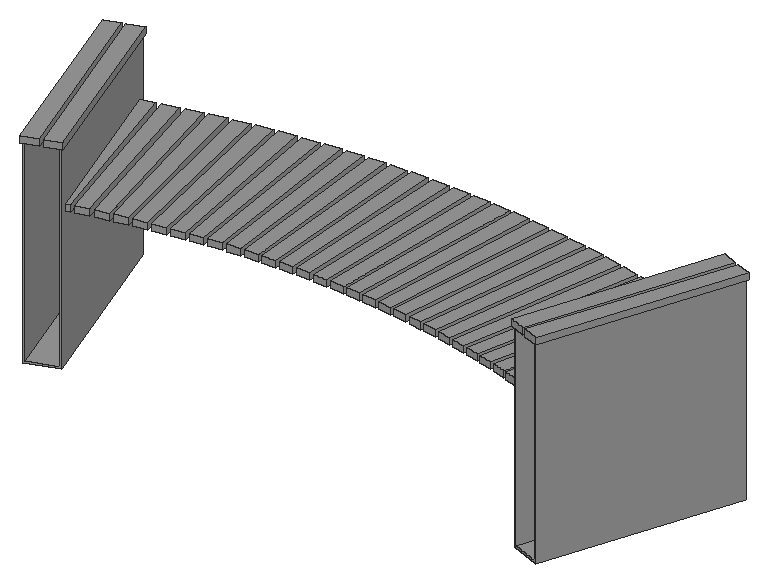
Revit family "Скамейка стальная «Бонго» без спинки Арт 25921", category Антураж, Revit 2018
Family settings
  На основе рабочей плоскости = Нет
  Всегда вертикально = Да
  При загрузке вырезать с полостями = Нет
  Источник визуального образа = Геометрия семейства
  Общий = Нет
  Точка расчета площади = Нет
Parameters (values of type "Скамейка стальная «Бонго» без спинки")
  Ширина = 600 mm  # constant formula
  Цвет опор = Сталь
  Цвет лавки = Дерево
  Описание = "Скамейка стальная «Бонго» без спинки"  # constant formula
  Материал изделия = "Сталь, дерево"  # constant formula
  Изображение типоразмера = Скамейка стальная «Бонго» без спинки Арт 25921.jpg
  Изготовитель = "ООО «Хоббика»"  # constant formula
  Длина = 1600 mm  # constant formula
  Группа модели = "Скамейки"  # constant formula
  Высота = 635 mm  # constant formula
  Артикул товара = "Арт. 25921"  # constant formula
  URL = "https://hobbyka.ru/product/skameyka_stalnaya_bongo_bez_spinki/"
Reference planes
  plane 1: z = 0
  plane 2: z = 635
  plane 3: through (94.282, 684.68, 1200) normal (0.3333, -0.9428, 0)
  plane 4: through (199.988, 85.659, 1200) normal (-0.3333, 0.9428, 0)
  plane 5: x = 200
  plane 6: x = 1800
Forms (mm)
  Extrusion 1, solid, material "Сталь" <- "Цвет опор"
    sketch origin (527.977, 838.004, 0) x (0.942816, 0.333313, 0) y (0, 0, 1)
      loop
        line (-560, 615) -> (-560, 0) -> (-460, 0) -> (-460, 615) -> (-465, 615) -> (-465, 5) -> (-555, 5) -> (-555, 615) -> (-560, 615)
    from 0 to 600
  Extrusion 2, solid, material "Дерево" <- "Цвет лавки"
    sketch origin (0, 0, 0) x (1, 0, 0) y (0, 1, 0)
      loop
        line (50.188, 674.395) -> (253.509, 99.278) -> (300.65, 115.944) -> (97.329, 691.061) -> (50.188, 674.395)
      loop
        line (40.76, 671.062) -> (-6.381, 654.397) -> (196.94, 79.28) -> (244.081, 95.945) -> (40.76, 671.062)
    from 615 to 635
  Extrusion 3, solid, material "Сталь" <- "Цвет опор"
    sketch origin (1472.023, 838.004, 0) x (-0.942816, 0.333313, 0) y (0, 0, -1)
      loop
        line (-560, -615) -> (-555, -615) -> (-555, -5) -> (-465, -5) -> (-465, -615) -> (-460, -615) -> (-460, 0) -> (-560, 0) -> (-560, -615)
    from 0 to 599.999
  Extrusion 4, solid, material "Дерево" <- "Цвет лавки"
    sketch origin (2000, 0, 0) x (-1, 0, 0) y (0, -1, 0)
      loop
        line (50.188, -674.395) -> (97.329, -691.061) -> (300.65, -115.944) -> (253.509, -99.278) -> (50.188, -674.395)
      loop
        line (40.76, -671.062) -> (244.081, -95.945) -> (196.94, -79.28) -> (-6.381, -654.397) -> (40.76, -671.062)
    from 615 to 635
  Extrusion 5, solid, material "Дерево" <- "Цвет лавки"
    sketch origin (0, 0, 0) x (1, 0, 0) y (0, 1, 0)
      loop
        arc (979.54, 244.649) -> (1000, 244.734) -> (1020.46, 244.649) r 2478.844
        line (1020.46, 244.649) -> (1025, 794.631)
        arc (1025, 794.631) -> (1000, 794.734) -> (975, 794.631) r 3028.844
        line (975, 794.631) -> (979.54, 244.649)
    from 430 to 450
  Extrusion 6, solid, material "Дерево" <- "Цвет лавки"
    sketch origin (-604.471, -385.619, 0) x (0.957097, 0.289768, 0) y (-0.289768, 0.957097, 0)
      loop
        arc (1005.384, 244.728) -> (1012.922, 244.7) -> (1020.46, 244.649) r 2478.844
        line (1020.46, 244.649) -> (1025, 794.631)
        arc (1025, 794.631) -> (1002.581, 794.733) -> (980.162, 794.669) r 3028.844
        line (980.162, 794.669) -> (1005.384, 244.728)
    from 430 to 450
  Extrusion 7, solid, material "Дерево" <- "Цвет лавки"
    sketch origin (-46.69, -21.49, 0) x (0.99978, 0.020997, 0) y (-0.020997, 0.99978, 0)
      loop
        arc (979.54, 244.649) -> (1000, 244.734) -> (1020.46, 244.649) r 2478.844
        line (1020.46, 244.649) -> (1025, 794.631)
        arc (1025, 794.631) -> (1000, 794.734) -> (975, 794.631) r 3028.844
        line (975, 794.631) -> (979.54, 244.649)
    from 430 to 450
  Extrusion 8, solid, material "Дерево" <- "Цвет лавки"
    sketch origin (-92.918, -43.955, 0) x (0.999118, 0.041985, 0) y (-0.041985, 0.999118, 0)
      loop
        arc (979.54, 244.649) -> (1000, 244.734) -> (1020.46, 244.649) r 2478.844
        line (1020.46, 244.649) -> (1025, 794.631)
        arc (1025, 794.631) -> (1000, 794.734) -> (975, 794.631) r 3028.844
        line (975, 794.631) -> (979.54, 244.649)
    from 430 to 450
  Extrusion 9, solid, material "Дерево" <- "Цвет лавки"
    sketch origin (-138.665, -67.387, 0) x (0.998016, 0.062955, 0) y (-0.062955, 0.998016, 0)
      loop
        arc (979.54, 244.649) -> (1000, 244.734) -> (1020.46, 244.649) r 2478.844
        line (1020.46, 244.649) -> (1025, 794.631)
        arc (1025, 794.631) -> (1000, 794.734) -> (975, 794.631) r 3028.844
        line (975, 794.631) -> (979.54, 244.649)
    from 430 to 450
  Extrusion 10, solid, material "Дерево" <- "Цвет лавки"
    sketch origin (-183.909, -91.773, 0) x (0.996474, 0.083897, 0) y (-0.083897, 0.996474, 0)
      loop
        arc (979.54, 244.649) -> (1000, 244.734) -> (1020.46, 244.649) r 2478.844
        line (1020.46, 244.649) -> (1025, 794.631)
        arc (1025, 794.631) -> (1000, 794.734) -> (975, 794.631) r 3028.844
        line (975, 794.631) -> (979.54, 244.649)
    from 430 to 450
  Extrusion 11, solid, material "Дерево" <- "Цвет лавки"
    sketch origin (-228.632, -117.105, 0) x (0.994493, 0.104802, 0) y (-0.104802, 0.994493, 0)
      loop
        arc (979.54, 244.649) -> (1000, 244.734) -> (1020.46, 244.649) r 2478.844
        line (1020.46, 244.649) -> (1025, 794.631)
        arc (1025, 794.631) -> (1000, 794.734) -> (975, 794.631) r 3028.844
        line (975, 794.631) -> (979.54, 244.649)
    from 430 to 450
  Extrusion 12, solid, material "Дерево" <- "Цвет лавки"
    sketch origin (-272.813, -143.37, 0) x (0.992073, 0.12566, 0) y (-0.12566, 0.992073, 0)
      loop
        arc (979.54, 244.649) -> (1000, 244.734) -> (1020.46, 244.649) r 2478.844
        line (1020.46, 244.649) -> (1025, 794.631)
        arc (1025, 794.631) -> (1000, 794.734) -> (975, 794.631) r 3028.844
        line (975, 794.631) -> (979.54, 244.649)
    from 430 to 450
  Extrusion 13, solid, material "Дерево" <- "Цвет лавки"
    sketch origin (-316.432, -170.556, 0) x (0.989216, 0.146464, 0) y (-0.146464, 0.989216, 0)
      loop
        arc (979.54, 244.649) -> (1000, 244.734) -> (1020.46, 244.649) r 2478.844
        line (1020.46, 244.649) -> (1025, 794.631)
        arc (1025, 794.631) -> (1000, 794.734) -> (975, 794.631) r 3028.844
        line (975, 794.631) -> (979.54, 244.649)
    from 430 to 450
  Extrusion 14, solid, material "Дерево" <- "Цвет лавки"
    sketch origin (-359.471, -198.653, 0) x (0.985923, 0.167202, 0) y (-0.167202, 0.985923, 0)
      loop
        arc (979.54, 244.649) -> (1000, 244.734) -> (1020.46, 244.649) r 2478.844
        line (1020.46, 244.649) -> (1025, 794.631)
        arc (1025, 794.631) -> (1000, 794.734) -> (975, 794.631) r 3028.844
        line (975, 794.631) -> (979.54, 244.649)
    from 430 to 450
  Extrusion 15, solid, material "Дерево" <- "Цвет лавки"
    sketch origin (-401.911, -227.647, 0) x (0.982194, 0.187867, 0) y (-0.187867, 0.982194, 0)
      loop
        arc (979.54, 244.649) -> (1000, 244.734) -> (1020.46, 244.649) r 2478.844
        line (1020.46, 244.649) -> (1025, 794.631)
        arc (1025, 794.631) -> (1000, 794.734) -> (975, 794.631) r 3028.844
        line (975, 794.631) -> (979.54, 244.649)
    from 430 to 450
  Extrusion 16, solid, material "Дерево" <- "Цвет лавки"
    sketch origin (-443.732, -257.526, 0) x (0.978033, 0.208449, 0) y (-0.208449, 0.978033, 0)
      loop
        arc (979.54, 244.649) -> (1000, 244.734) -> (1020.46, 244.649) r 2478.844
        line (1020.46, 244.649) -> (1025, 794.631)
        arc (1025, 794.631) -> (1000, 794.734) -> (975, 794.631) r 3028.844
        line (975, 794.631) -> (979.54, 244.649)
    from 430 to 450
  Extrusion 17, solid, material "Дерево" <- "Цвет лавки"
    sketch origin (-484.917, -288.276, 0) x (0.973441, 0.228939, 0) y (-0.228939, 0.973441, 0)
      loop
        arc (979.54, 244.649) -> (1000, 244.734) -> (1020.46, 244.649) r 2478.844
        line (1020.46, 244.649) -> (1025, 794.631)
        arc (1025, 794.631) -> (1000, 794.734) -> (975, 794.631) r 3028.844
        line (975, 794.631) -> (979.54, 244.649)
    from 430 to 450
  Extrusion 18, solid, material "Дерево" <- "Цвет лавки"
    sketch origin (-525.447, -319.884, 0) x (0.968419, 0.249329, 0) y (-0.249329, 0.968419, 0)
      loop
        arc (979.54, 244.649) -> (1000, 244.734) -> (1020.46, 244.649) r 2478.844
        line (1020.46, 244.649) -> (1025, 794.631)
        arc (1025, 794.631) -> (1000, 794.734) -> (975, 794.631) r 3028.844
        line (975, 794.631) -> (979.54, 244.649)
    from 430 to 450
  Extrusion 19, solid, material "Дерево" <- "Цвет лавки"
    sketch origin (-565.304, -352.337, 0) x (0.96297, 0.269608, 0) y (-0.269608, 0.96297, 0)
      loop
        arc (979.54, 244.649) -> (1000, 244.734) -> (1020.46, 244.649) r 2478.844
        line (1020.46, 244.649) -> (1025, 794.631)
        arc (1025, 794.631) -> (1000, 794.734) -> (975, 794.631) r 3028.844
        line (975, 794.631) -> (979.54, 244.649)
    from 430 to 450
  Extrusion 20, solid, material "Дерево" <- "Цвет лавки"
    sketch origin (2604.471, -385.619, 0) x (-0.957097, 0.289768, 0) y (-0.289768, -0.957097, 0)
      loop
        line (1005.384, -244.728) -> (980.162, -794.669)
        arc (980.162, -794.669) -> (1002.581, -794.733) -> (1025, -794.631) r 3028.844
        line (1025, -794.631) -> (1020.46, -244.649)
        arc (1020.46, -244.649) -> (1012.922, -244.7) -> (1005.384, -244.728) r 2478.844
    from 430 to 450
  Extrusion 21, solid, material "Дерево" <- "Цвет лавки"
    sketch origin (2046.69, -21.49, 0) x (-0.99978, 0.020997, 0) y (-0.020997, -0.99978, 0)
      loop
        line (979.54, -244.649) -> (975, -794.631)
        arc (975, -794.631) -> (1000, -794.734) -> (1025, -794.631) r 3028.844
        line (1025, -794.631) -> (1020.46, -244.649)
        arc (1020.46, -244.649) -> (1000, -244.734) -> (979.54, -244.649) r 2478.844
    from 430 to 450
  Extrusion 22, solid, material "Дерево" <- "Цвет лавки"
    sketch origin (2092.918, -43.955, 0) x (-0.999118, 0.041985, 0) y (-0.041985, -0.999118, 0)
      loop
        line (979.54, -244.649) -> (975, -794.631)
        arc (975, -794.631) -> (1000, -794.734) -> (1025, -794.631) r 3028.844
        line (1025, -794.631) -> (1020.46, -244.649)
        arc (1020.46, -244.649) -> (1000, -244.734) -> (979.54, -244.649) r 2478.844
    from 430 to 450
  Extrusion 23, solid, material "Дерево" <- "Цвет лавки"
    sketch origin (2138.665, -67.387, 0) x (-0.998016, 0.062955, 0) y (-0.062955, -0.998016, 0)
      loop
        line (979.54, -244.649) -> (975, -794.631)
        arc (975, -794.631) -> (1000, -794.734) -> (1025, -794.631) r 3028.844
        line (1025, -794.631) -> (1020.46, -244.649)
        arc (1020.46, -244.649) -> (1000, -244.734) -> (979.54, -244.649) r 2478.844
    from 430 to 450
  Extrusion 24, solid, material "Дерево" <- "Цвет лавки"
    sketch origin (2183.909, -91.773, 0) x (-0.996474, 0.083897, 0) y (-0.083897, -0.996474, 0)
      loop
        line (979.54, -244.649) -> (975, -794.631)
        arc (975, -794.631) -> (1000, -794.734) -> (1025, -794.631) r 3028.844
        line (1025, -794.631) -> (1020.46, -244.649)
        arc (1020.46, -244.649) -> (1000, -244.734) -> (979.54, -244.649) r 2478.844
    from 430 to 450
  Extrusion 25, solid, material "Дерево" <- "Цвет лавки"
    sketch origin (2228.632, -117.105, 0) x (-0.994493, 0.104802, 0) y (-0.104802, -0.994493, 0)
      loop
        line (979.54, -244.649) -> (975, -794.631)
        arc (975, -794.631) -> (1000, -794.734) -> (1025, -794.631) r 3028.844
        line (1025, -794.631) -> (1020.46, -244.649)
        arc (1020.46, -244.649) -> (1000, -244.734) -> (979.54, -244.649) r 2478.844
    from 430 to 450
  Extrusion 26, solid, material "Дерево" <- "Цвет лавки"
    sketch origin (2272.813, -143.37, 0) x (-0.992073, 0.12566, 0) y (-0.12566, -0.992073, 0)
      loop
        line (979.54, -244.649) -> (975, -794.631)
        arc (975, -794.631) -> (1000, -794.734) -> (1025, -794.631) r 3028.844
        line (1025, -794.631) -> (1020.46, -244.649)
        arc (1020.46, -244.649) -> (1000, -244.734) -> (979.54, -244.649) r 2478.844
    from 430 to 450
  Extrusion 27, solid, material "Дерево" <- "Цвет лавки"
    sketch origin (2316.432, -170.556, 0) x (-0.989216, 0.146464, 0) y (-0.146464, -0.989216, 0)
      loop
        line (979.54, -244.649) -> (975, -794.631)
        arc (975, -794.631) -> (1000, -794.734) -> (1025, -794.631) r 3028.844
        line (1025, -794.631) -> (1020.46, -244.649)
        arc (1020.46, -244.649) -> (1000, -244.734) -> (979.54, -244.649) r 2478.844
    from 430 to 450
  Extrusion 28, solid, material "Дерево" <- "Цвет лавки"
    sketch origin (2359.471, -198.653, 0) x (-0.985923, 0.167202, 0) y (-0.167202, -0.985923, 0)
      loop
        line (979.54, -244.649) -> (975, -794.631)
        arc (975, -794.631) -> (1000, -794.734) -> (1025, -794.631) r 3028.844
        line (1025, -794.631) -> (1020.46, -244.649)
        arc (1020.46, -244.649) -> (1000, -244.734) -> (979.54, -244.649) r 2478.844
    from 430 to 450
  Extrusion 29, solid, material "Дерево" <- "Цвет лавки"
    sketch origin (2401.911, -227.647, 0) x (-0.982194, 0.187867, 0) y (-0.187867, -0.982194, 0)
      loop
        line (979.54, -244.649) -> (975, -794.631)
        arc (975, -794.631) -> (1000, -794.734) -> (1025, -794.631) r 3028.844
        line (1025, -794.631) -> (1020.46, -244.649)
        arc (1020.46, -244.649) -> (1000, -244.734) -> (979.54, -244.649) r 2478.844
    from 430 to 450
  Extrusion 30, solid, material "Дерево" <- "Цвет лавки"
    sketch origin (2443.732, -257.526, 0) x (-0.978033, 0.208449, 0) y (-0.208449, -0.978033, 0)
      loop
        line (979.54, -244.649) -> (975, -794.631)
        arc (975, -794.631) -> (1000, -794.734) -> (1025, -794.631) r 3028.844
        line (1025, -794.631) -> (1020.46, -244.649)
        arc (1020.46, -244.649) -> (1000, -244.734) -> (979.54, -244.649) r 2478.844
    from 430 to 450
  Extrusion 31, solid, material "Дерево" <- "Цвет лавки"
    sketch origin (2484.917, -288.276, 0) x (-0.973441, 0.228939, 0) y (-0.228939, -0.973441, 0)
      loop
        line (979.54, -244.649) -> (975, -794.631)
        arc (975, -794.631) -> (1000, -794.734) -> (1025, -794.631) r 3028.844
        line (1025, -794.631) -> (1020.46, -244.649)
        arc (1020.46, -244.649) -> (1000, -244.734) -> (979.54, -244.649) r 2478.844
    from 430 to 450
  Extrusion 32, solid, material "Дерево" <- "Цвет лавки"
    sketch origin (2525.447, -319.884, 0) x (-0.968419, 0.249329, 0) y (-0.249329, -0.968419, 0)
      loop
        line (979.54, -244.649) -> (975, -794.631)
        arc (975, -794.631) -> (1000, -794.734) -> (1025, -794.631) r 3028.844
        line (1025, -794.631) -> (1020.46, -244.649)
        arc (1020.46, -244.649) -> (1000, -244.734) -> (979.54, -244.649) r 2478.844
    from 430 to 450
  Extrusion 33, solid, material "Дерево" <- "Цвет лавки"
    sketch origin (2565.304, -352.337, 0) x (-0.96297, 0.269608, 0) y (-0.269608, -0.96297, 0)
      loop
        line (979.54, -244.649) -> (975, -794.631)
        arc (975, -794.631) -> (1000, -794.734) -> (1025, -794.631) r 3028.844
        line (1025, -794.631) -> (1020.46, -244.649)
        arc (1020.46, -244.649) -> (1000, -244.734) -> (979.54, -244.649) r 2478.844
    from 430 to 450
  Extrusion 34, solid, material "Сталь" <- "Цвет опор"
    sketch origin (0, 0, 0) x (1, 0, 0) y (0, 1, 0)
      loop
        line (128.387, 588.209) -> (136.727, 564.619)
        arc (136.727, 564.619) -> (1000, 694.734) -> (1863.273, 564.619) r 2928.844
        line (1863.273, 564.619) -> (1871.613, 588.209)
        arc (1871.613, 588.209) -> (1000, 719.734) -> (128.387, 588.209) r 2953.844
      loop
        arc (261.838, 210.728) -> (1000, 319.734) -> (1738.162, 210.728) r 2553.844
        line (1738.162, 210.728) -> (1746.504, 234.324)
        arc (1746.504, 234.324) -> (1000, 344.734) -> (253.496, 234.324) r 2578.844
        line (253.496, 234.324) -> (261.838, 210.728)
    from 415 to 430
Lines and regions (mm)
  symbolic lines
    curve 1: line (990, -2234.111, 0) -> (1010, -2234.111, 0)
Dimensions and locks
  "Высота": plane 2 to plane 1
  "Ширина": Extrusion 1 to Extrusion 1
  "Длина": plane 5 to plane 6
  aligned and locked: level to plane 1
Automatic sketch dimensions
  Extrusion 1 sketch curve to level = 0 mm
  Extrusion 1 sketch curve to plane 2 = 20 mm  (x2)
  Extrusion 1 sketch curve to Extrusion 1 sketch curve = 5 mm  (x2)
  Extrusion 1 sketch curve to Extrusion 1 sketch curve = 90 mm
  level to Extrusion 1 sketch curve = 5 mm
  Extrusion 2 sketch curve to Extrusion 2 sketch curve = 9.428 mm  (x2)
  Extrusion 2 sketch curve to Extrusion 2 sketch curve = 47.141 mm  (x2)
  Extrusion 3 sketch curve to level = 0 mm
  Extrusion 3 sketch curve to plane 2 = 20 mm  (x2)
  Extrusion 3 sketch curve to Extrusion 3 sketch curve = 5 mm  (x2)
  Extrusion 3 sketch curve to Extrusion 3 sketch curve = 90 mm
  level to Extrusion 3 sketch curve = 5 mm
  Extrusion 4 sketch curve to Extrusion 4 sketch curve = 9.428 mm  (x2)
  Extrusion 4 sketch curve to Extrusion 4 sketch curve = 47.141 mm  (x2)
  Extrusion 5 sketch curve to Extrusion 5 sketch curve = 0 mm  (x4)
  Extrusion 5 sketch curve to Extrusion 5 sketch curve = 4.54 mm
  Extrusion 6 sketch curve to Extrusion 6 sketch curve = 0 mm  (x4)
  Extrusion 6 sketch curve to Extrusion 6 sketch curve = 25.222 mm
  Extrusion 6 sketch curve to Extrusion 6 sketch curve = 5.384 mm
  Extrusion 6 sketch curve to Extrusion 6 sketch curve = 15.076 mm
  Extrusion 6 sketch curve to Extrusion 6 sketch curve = 44.838 mm
  Extrusion 6 sketch curve to Extrusion 6 sketch curve = 549.941 mm
  Extrusion 6 sketch curve to Extrusion 6 sketch curve = 2478.839 mm
  Extrusion 7 sketch curve to Extrusion 7 sketch curve = 0 mm  (x4)
  Extrusion 7 sketch curve to Extrusion 7 sketch curve = 4.54 mm
  Extrusion 7 sketch curve to Extrusion 7 sketch curve = 20.46 mm
  Extrusion 7 sketch curve to Extrusion 7 sketch curve = 40.921 mm
  Extrusion 7 sketch curve to Extrusion 7 sketch curve = 50 mm
  Extrusion 7 sketch curve to Extrusion 7 sketch curve = 549.981 mm
  Extrusion 7 sketch curve to Extrusion 7 sketch curve = 2478.76 mm
  Extrusion 8 sketch curve to Extrusion 8 sketch curve = 0 mm  (x4)
  Extrusion 8 sketch curve to Extrusion 8 sketch curve = 4.54 mm
  Extrusion 8 sketch curve to Extrusion 8 sketch curve = 20.46 mm
  Extrusion 8 sketch curve to Extrusion 8 sketch curve = 40.921 mm
  Extrusion 8 sketch curve to Extrusion 8 sketch curve = 50 mm
  Extrusion 8 sketch curve to Extrusion 8 sketch curve = 549.981 mm
  Extrusion 8 sketch curve to Extrusion 8 sketch curve = 2478.76 mm
  Extrusion 9 sketch curve to Extrusion 9 sketch curve = 0 mm  (x4)
  Extrusion 9 sketch curve to Extrusion 9 sketch curve = 4.54 mm
  Extrusion 9 sketch curve to Extrusion 9 sketch curve = 20.46 mm
  Extrusion 9 sketch curve to Extrusion 9 sketch curve = 40.921 mm
  Extrusion 9 sketch curve to Extrusion 9 sketch curve = 50 mm
  Extrusion 9 sketch curve to Extrusion 9 sketch curve = 549.981 mm
  Extrusion 9 sketch curve to Extrusion 9 sketch curve = 2478.76 mm
  Extrusion 10 sketch curve to Extrusion 10 sketch curve = 0 mm  (x4)
  Extrusion 10 sketch curve to Extrusion 10 sketch curve = 4.54 mm
  Extrusion 10 sketch curve to Extrusion 10 sketch curve = 20.46 mm
  Extrusion 10 sketch curve to Extrusion 10 sketch curve = 40.921 mm
  Extrusion 10 sketch curve to Extrusion 10 sketch curve = 50 mm
  Extrusion 10 sketch curve to Extrusion 10 sketch curve = 549.981 mm
  Extrusion 10 sketch curve to Extrusion 10 sketch curve = 2478.76 mm
  Extrusion 11 sketch curve to Extrusion 11 sketch curve = 0 mm  (x4)
  Extrusion 11 sketch curve to Extrusion 11 sketch curve = 4.54 mm
  Extrusion 11 sketch curve to Extrusion 11 sketch curve = 20.46 mm
  Extrusion 11 sketch curve to Extrusion 11 sketch curve = 40.921 mm
  Extrusion 11 sketch curve to Extrusion 11 sketch curve = 50 mm
  Extrusion 11 sketch curve to Extrusion 11 sketch curve = 549.981 mm
  Extrusion 11 sketch curve to Extrusion 11 sketch curve = 2478.76 mm
  Extrusion 12 sketch curve to Extrusion 12 sketch curve = 0 mm  (x4)
  Extrusion 12 sketch curve to Extrusion 12 sketch curve = 4.54 mm
  Extrusion 12 sketch curve to Extrusion 12 sketch curve = 20.46 mm
  Extrusion 12 sketch curve to Extrusion 12 sketch curve = 40.921 mm
  Extrusion 12 sketch curve to Extrusion 12 sketch curve = 50 mm
  Extrusion 12 sketch curve to Extrusion 12 sketch curve = 549.981 mm
  Extrusion 12 sketch curve to Extrusion 12 sketch curve = 2478.76 mm
  Extrusion 13 sketch curve to Extrusion 13 sketch curve = 0 mm  (x4)
  Extrusion 13 sketch curve to Extrusion 13 sketch curve = 4.54 mm
  Extrusion 13 sketch curve to Extrusion 13 sketch curve = 20.46 mm
  Extrusion 13 sketch curve to Extrusion 13 sketch curve = 40.921 mm
  Extrusion 13 sketch curve to Extrusion 13 sketch curve = 50 mm
  Extrusion 13 sketch curve to Extrusion 13 sketch curve = 549.981 mm
  Extrusion 13 sketch curve to Extrusion 13 sketch curve = 2478.76 mm
  Extrusion 14 sketch curve to Extrusion 14 sketch curve = 0 mm  (x4)
  Extrusion 14 sketch curve to Extrusion 14 sketch curve = 4.54 mm
  Extrusion 14 sketch curve to Extrusion 14 sketch curve = 20.46 mm
  Extrusion 14 sketch curve to Extrusion 14 sketch curve = 40.921 mm
  Extrusion 14 sketch curve to Extrusion 14 sketch curve = 50 mm
  Extrusion 14 sketch curve to Extrusion 14 sketch curve = 549.981 mm
  Extrusion 14 sketch curve to Extrusion 14 sketch curve = 2478.76 mm
  Extrusion 15 sketch curve to Extrusion 15 sketch curve = 0 mm  (x4)
  Extrusion 15 sketch curve to Extrusion 15 sketch curve = 4.54 mm
  Extrusion 15 sketch curve to Extrusion 15 sketch curve = 20.46 mm
  Extrusion 15 sketch curve to Extrusion 15 sketch curve = 40.921 mm
  Extrusion 15 sketch curve to Extrusion 15 sketch curve = 50 mm
  Extrusion 15 sketch curve to Extrusion 15 sketch curve = 549.981 mm
  Extrusion 15 sketch curve to Extrusion 15 sketch curve = 2478.76 mm
  Extrusion 16 sketch curve to Extrusion 16 sketch curve = 0 mm  (x4)
  Extrusion 16 sketch curve to Extrusion 16 sketch curve = 4.54 mm
  Extrusion 16 sketch curve to Extrusion 16 sketch curve = 20.46 mm
  Extrusion 16 sketch curve to Extrusion 16 sketch curve = 40.921 mm
  Extrusion 16 sketch curve to Extrusion 16 sketch curve = 50 mm
  Extrusion 16 sketch curve to Extrusion 16 sketch curve = 549.981 mm
  Extrusion 16 sketch curve to Extrusion 16 sketch curve = 2478.76 mm
  Extrusion 17 sketch curve to Extrusion 17 sketch curve = 0 mm  (x4)
  Extrusion 17 sketch curve to Extrusion 17 sketch curve = 4.54 mm
  Extrusion 17 sketch curve to Extrusion 17 sketch curve = 20.46 mm
  Extrusion 17 sketch curve to Extrusion 17 sketch curve = 40.921 mm
  Extrusion 17 sketch curve to Extrusion 17 sketch curve = 50 mm
  Extrusion 17 sketch curve to Extrusion 17 sketch curve = 549.981 mm
  Extrusion 17 sketch curve to Extrusion 17 sketch curve = 2478.76 mm
  Extrusion 18 sketch curve to Extrusion 18 sketch curve = 0 mm  (x4)
  Extrusion 18 sketch curve to Extrusion 18 sketch curve = 4.54 mm
  Extrusion 18 sketch curve to Extrusion 18 sketch curve = 20.46 mm
  Extrusion 18 sketch curve to Extrusion 18 sketch curve = 40.921 mm
  Extrusion 18 sketch curve to Extrusion 18 sketch curve = 50 mm
  Extrusion 18 sketch curve to Extrusion 18 sketch curve = 549.981 mm
  Extrusion 18 sketch curve to Extrusion 18 sketch curve = 2478.76 mm
  Extrusion 19 sketch curve to Extrusion 19 sketch curve = 0 mm  (x4)
  Extrusion 19 sketch curve to Extrusion 19 sketch curve = 4.54 mm
  Extrusion 19 sketch curve to Extrusion 19 sketch curve = 20.46 mm
  Extrusion 19 sketch curve to Extrusion 19 sketch curve = 40.921 mm
  Extrusion 19 sketch curve to Extrusion 19 sketch curve = 50 mm
  Extrusion 19 sketch curve to Extrusion 19 sketch curve = 549.981 mm
  Extrusion 19 sketch curve to Extrusion 19 sketch curve = 2478.76 mm
  Extrusion 20 sketch curve to Extrusion 20 sketch curve = 0 mm  (x4)
  Extrusion 20 sketch curve to Extrusion 20 sketch curve = 25.222 mm
  Extrusion 20 sketch curve to Extrusion 20 sketch curve = 5.384 mm
  Extrusion 20 sketch curve to Extrusion 20 sketch curve = 15.076 mm
  Extrusion 20 sketch curve to Extrusion 20 sketch curve = 44.838 mm
  Extrusion 20 sketch curve to Extrusion 20 sketch curve = 549.941 mm
  Extrusion 20 sketch curve to Extrusion 20 sketch curve = 2478.839 mm
  Extrusion 21 sketch curve to Extrusion 21 sketch curve = 0 mm  (x4)
  Extrusion 21 sketch curve to Extrusion 21 sketch curve = 4.54 mm
  Extrusion 21 sketch curve to Extrusion 21 sketch curve = 20.46 mm
  Extrusion 21 sketch curve to Extrusion 21 sketch curve = 40.921 mm
  Extrusion 21 sketch curve to Extrusion 21 sketch curve = 50 mm
  Extrusion 21 sketch curve to Extrusion 21 sketch curve = 549.981 mm
  Extrusion 21 sketch curve to Extrusion 21 sketch curve = 2478.76 mm
  Extrusion 22 sketch curve to Extrusion 22 sketch curve = 0 mm  (x4)
  Extrusion 22 sketch curve to Extrusion 22 sketch curve = 4.54 mm
  Extrusion 22 sketch curve to Extrusion 22 sketch curve = 20.46 mm
  Extrusion 22 sketch curve to Extrusion 22 sketch curve = 40.921 mm
  Extrusion 22 sketch curve to Extrusion 22 sketch curve = 50 mm
  Extrusion 22 sketch curve to Extrusion 22 sketch curve = 549.981 mm
  Extrusion 22 sketch curve to Extrusion 22 sketch curve = 2478.76 mm
  Extrusion 23 sketch curve to Extrusion 23 sketch curve = 0 mm  (x4)
  Extrusion 23 sketch curve to Extrusion 23 sketch curve = 4.54 mm
  Extrusion 23 sketch curve to Extrusion 23 sketch curve = 20.46 mm
  Extrusion 23 sketch curve to Extrusion 23 sketch curve = 40.921 mm
  Extrusion 23 sketch curve to Extrusion 23 sketch curve = 50 mm
  Extrusion 23 sketch curve to Extrusion 23 sketch curve = 549.981 mm
  Extrusion 23 sketch curve to Extrusion 23 sketch curve = 2478.76 mm
  Extrusion 24 sketch curve to Extrusion 24 sketch curve = 0 mm  (x4)
  Extrusion 24 sketch curve to Extrusion 24 sketch curve = 4.54 mm
  Extrusion 24 sketch curve to Extrusion 24 sketch curve = 20.46 mm
  Extrusion 24 sketch curve to Extrusion 24 sketch curve = 40.921 mm
  Extrusion 24 sketch curve to Extrusion 24 sketch curve = 50 mm
  Extrusion 24 sketch curve to Extrusion 24 sketch curve = 549.981 mm
  Extrusion 24 sketch curve to Extrusion 24 sketch curve = 2478.76 mm
  Extrusion 25 sketch curve to Extrusion 25 sketch curve = 0 mm  (x4)
  Extrusion 25 sketch curve to Extrusion 25 sketch curve = 4.54 mm
  Extrusion 25 sketch curve to Extrusion 25 sketch curve = 20.46 mm
  Extrusion 25 sketch curve to Extrusion 25 sketch curve = 40.921 mm
  Extrusion 25 sketch curve to Extrusion 25 sketch curve = 50 mm
  Extrusion 25 sketch curve to Extrusion 25 sketch curve = 549.981 mm
  Extrusion 25 sketch curve to Extrusion 25 sketch curve = 2478.76 mm
  Extrusion 26 sketch curve to Extrusion 26 sketch curve = 0 mm  (x4)
  Extrusion 26 sketch curve to Extrusion 26 sketch curve = 4.54 mm
  Extrusion 26 sketch curve to Extrusion 26 sketch curve = 20.46 mm
  Extrusion 26 sketch curve to Extrusion 26 sketch curve = 40.921 mm
  Extrusion 26 sketch curve to Extrusion 26 sketch curve = 50 mm
  Extrusion 26 sketch curve to Extrusion 26 sketch curve = 549.981 mm
  Extrusion 26 sketch curve to Extrusion 26 sketch curve = 2478.76 mm
  Extrusion 27 sketch curve to Extrusion 27 sketch curve = 0 mm  (x4)
  Extrusion 27 sketch curve to Extrusion 27 sketch curve = 4.54 mm
  Extrusion 27 sketch curve to Extrusion 27 sketch curve = 20.46 mm
  Extrusion 27 sketch curve to Extrusion 27 sketch curve = 40.921 mm
  Extrusion 27 sketch curve to Extrusion 27 sketch curve = 50 mm
  Extrusion 27 sketch curve to Extrusion 27 sketch curve = 549.981 mm
  Extrusion 27 sketch curve to Extrusion 27 sketch curve = 2478.76 mm
  Extrusion 28 sketch curve to Extrusion 28 sketch curve = 0 mm  (x4)
  Extrusion 28 sketch curve to Extrusion 28 sketch curve = 4.54 mm
  Extrusion 28 sketch curve to Extrusion 28 sketch curve = 20.46 mm
  Extrusion 28 sketch curve to Extrusion 28 sketch curve = 40.921 mm
  Extrusion 28 sketch curve to Extrusion 28 sketch curve = 50 mm
  Extrusion 28 sketch curve to Extrusion 28 sketch curve = 549.981 mm
  Extrusion 28 sketch curve to Extrusion 28 sketch curve = 2478.76 mm
  Extrusion 29 sketch curve to Extrusion 29 sketch curve = 0 mm  (x4)
  Extrusion 29 sketch curve to Extrusion 29 sketch curve = 4.54 mm
  Extrusion 29 sketch curve to Extrusion 29 sketch curve = 20.46 mm
  Extrusion 29 sketch curve to Extrusion 29 sketch curve = 40.921 mm
  Extrusion 29 sketch curve to Extrusion 29 sketch curve = 50 mm
  Extrusion 29 sketch curve to Extrusion 29 sketch curve = 549.981 mm
  Extrusion 29 sketch curve to Extrusion 29 sketch curve = 2478.76 mm
  Extrusion 30 sketch curve to Extrusion 30 sketch curve = 0 mm  (x4)
  Extrusion 30 sketch curve to Extrusion 30 sketch curve = 4.54 mm
  Extrusion 30 sketch curve to Extrusion 30 sketch curve = 20.46 mm
  Extrusion 30 sketch curve to Extrusion 30 sketch curve = 40.921 mm
  Extrusion 30 sketch curve to Extrusion 30 sketch curve = 50 mm
  Extrusion 30 sketch curve to Extrusion 30 sketch curve = 549.981 mm
  Extrusion 30 sketch curve to Extrusion 30 sketch curve = 2478.76 mm
  Extrusion 31 sketch curve to Extrusion 31 sketch curve = 0 mm  (x4)
  Extrusion 31 sketch curve to Extrusion 31 sketch curve = 4.54 mm
  Extrusion 31 sketch curve to Extrusion 31 sketch curve = 20.46 mm
  Extrusion 31 sketch curve to Extrusion 31 sketch curve = 40.921 mm
  Extrusion 31 sketch curve to Extrusion 31 sketch curve = 50 mm
  Extrusion 31 sketch curve to Extrusion 31 sketch curve = 549.981 mm
  Extrusion 31 sketch curve to Extrusion 31 sketch curve = 2478.76 mm
  Extrusion 32 sketch curve to Extrusion 32 sketch curve = 0 mm  (x4)
  Extrusion 32 sketch curve to Extrusion 32 sketch curve = 4.54 mm
  Extrusion 32 sketch curve to Extrusion 32 sketch curve = 20.46 mm
  Extrusion 32 sketch curve to Extrusion 32 sketch curve = 40.921 mm
  Extrusion 32 sketch curve to Extrusion 32 sketch curve = 50 mm
  Extrusion 32 sketch curve to Extrusion 32 sketch curve = 549.981 mm
  Extrusion 32 sketch curve to Extrusion 32 sketch curve = 2478.76 mm
  Extrusion 33 sketch curve to Extrusion 33 sketch curve = 0 mm  (x4)
  Extrusion 33 sketch curve to Extrusion 33 sketch curve = 4.54 mm
  Extrusion 33 sketch curve to Extrusion 33 sketch curve = 20.46 mm
  Extrusion 33 sketch curve to Extrusion 33 sketch curve = 40.921 mm
  Extrusion 33 sketch curve to Extrusion 33 sketch curve = 50 mm
  Extrusion 33 sketch curve to Extrusion 33 sketch curve = 549.981 mm
  Extrusion 33 sketch curve to Extrusion 33 sketch curve = 2478.76 mm
  Extrusion 34 sketch curve to Extrusion 34 sketch curve = 0 mm  (x18)
  Extrusion 34 sketch curve to Extrusion 34 sketch curve = 8.34 mm  (x2)
  Extrusion 34 sketch curve to Extrusion 34 sketch curve = 23.59 mm
  Extrusion 34 sketch curve to Extrusion 34 sketch curve = 8.342 mm  (x2)
  Extrusion 34 sketch curve to Extrusion 34 sketch curve = 23.596 mm
  Extrusion 34 sketch curve to Extrusion 34 sketch curve = 116.769 mm
  Extrusion 2 sketch curve to Extrusion 2 sketch curve = 19.999 mm
  Extrusion 4 sketch curve to Extrusion 4 sketch curve = 19.999 mm
  Extrusion 5 sketch curve to Extrusion 5 sketch curve = 40.921 mm
  Extrusion 5 sketch curve to Extrusion 5 sketch curve = 2478.76 mm
  Extrusion 34 sketch curve to Extrusion 34 sketch curve = 330.295 mm
  Extrusion 34 sketch curve to Extrusion 34 sketch curve = 2444.839 mm
  Extrusion 2 sketch curve to plane 4 = 4.999 mm
  Extrusion 2 sketch curve to Extrusion 2 sketch curve = 16.666 mm
  Extrusion 2 sketch curve to Extrusion 2 sketch curve = 3.333 mm
  plane 4 to Extrusion 4 sketch curve = 540.34 mm
  Extrusion 4 sketch curve to Extrusion 4 sketch curve = 16.666 mm
  Extrusion 4 sketch curve to Extrusion 4 sketch curve = 3.333 mm
  Extrusion 5 sketch curve to Extrusion 5 sketch curve = 50 mm
  Extrusion 5 sketch curve to plane 4 = 2453.771 mm
  Extrusion 5 sketch curve to Extrusion 5 sketch curve = 549.981 mm
  plane 3 to Extrusion 6 sketch curve = 27.263 mm
  plane 3 to Extrusion 7 sketch curve = 169.821 mm
  plane 3 to Extrusion 8 sketch curve = 151.022 mm
  plane 3 to Extrusion 9 sketch curve = 133.503 mm
  plane 3 to Extrusion 10 sketch curve = 117.271 mm
  plane 3 to Extrusion 11 sketch curve = 102.334 mm
  plane 3 to Extrusion 12 sketch curve = 88.698 mm
  plane 3 to Extrusion 13 sketch curve = 76.37 mm
  plane 3 to Extrusion 14 sketch curve = 65.355 mm
  plane 3 to Extrusion 15 sketch curve = 55.658 mm
  plane 3 to Extrusion 16 sketch curve = 47.282 mm
  plane 3 to Extrusion 17 sketch curve = 40.232 mm
  plane 3 to Extrusion 18 sketch curve = 34.511 mm
  plane 3 to Extrusion 19 sketch curve = 30.121 mm
  plane 4 to Extrusion 20 sketch curve = 24.981 mm
  Extrusion 21 sketch curve to plane 3 = 228.878 mm
  Extrusion 22 sketch curve to plane 3 = 252.443 mm
  Extrusion 23 sketch curve to plane 3 = 277.244 mm
  Extrusion 24 sketch curve to plane 4 = 296.731 mm
  Extrusion 25 sketch curve to plane 4 = 269.493 mm
  Extrusion 26 sketch curve to plane 4 = 241.055 mm
  Extrusion 27 sketch curve to plane 4 = 211.428 mm
  Extrusion 28 sketch curve to plane 4 = 180.626 mm
  Extrusion 29 sketch curve to plane 4 = 148.662 mm
  Extrusion 30 sketch curve to plane 4 = 115.551 mm
  Extrusion 31 sketch curve to plane 4 = 81.307 mm
  Extrusion 32 sketch curve to plane 4 = 45.945 mm
  Extrusion 33 sketch curve to plane 4 = 9.481 mm
  Extrusion 34 sketch curve to plane 4 = 2453.771 mm
  curve 1 to plane 4 = 2457.104 mm
  curve 1 to curve 1 = 20 mm
  plane 5 to curve 1 = 790 mm
  Extrusion 4 sketch curve to plane 6 = 206.381 mm
  Extrusion 4 sketch curve to plane 6 = 3.06 mm
  Extrusion 20 sketch curve to plane 6 = 96.631 mm
  plane 6 to Extrusion 21 sketch curve = 711.41 mm
  plane 6 to Extrusion 22 sketch curve = 647.859 mm
  plane 6 to Extrusion 23 sketch curve = 584.375 mm
  plane 6 to Extrusion 24 sketch curve = 520.986 mm
  plane 6 to Extrusion 25 sketch curve = 457.72 mm
  plane 6 to Extrusion 26 sketch curve = 394.605 mm
  plane 6 to Extrusion 27 sketch curve = 331.669 mm
  plane 6 to Extrusion 28 sketch curve = 268.939 mm
  plane 6 to Extrusion 29 sketch curve = 206.444 mm
  plane 6 to Extrusion 30 sketch curve = 144.21 mm
  plane 6 to Extrusion 31 sketch curve = 82.266 mm
  plane 6 to Extrusion 32 sketch curve = 20.637 mm
  Extrusion 33 sketch curve to plane 6 = 40.647 mm
  Extrusion 34 sketch curve to plane 6 = 61.838 mm
  Extrusion 2 sketch curve to plane 5 = 206.381 mm
  Extrusion 2 sketch curve to plane 5 = 3.06 mm
  plane 5 to Extrusion 5 sketch curve = 775 mm
  plane 5 to Extrusion 5 sketch curve = 800 mm
  Extrusion 6 sketch curve to plane 5 = 96.631 mm
  plane 5 to Extrusion 7 sketch curve = 711.41 mm
  plane 5 to Extrusion 8 sketch curve = 647.859 mm
  plane 5 to Extrusion 9 sketch curve = 584.375 mm
  plane 5 to Extrusion 10 sketch curve = 520.986 mm
  plane 5 to Extrusion 11 sketch curve = 457.72 mm
  plane 5 to Extrusion 12 sketch curve = 394.605 mm
  plane 5 to Extrusion 13 sketch curve = 331.669 mm
  plane 5 to Extrusion 14 sketch curve = 268.939 mm
  plane 5 to Extrusion 15 sketch curve = 206.444 mm
  plane 5 to Extrusion 16 sketch curve = 144.21 mm
  plane 5 to Extrusion 17 sketch curve = 82.266 mm
  plane 5 to Extrusion 18 sketch curve = 20.637 mm
  Extrusion 19 sketch curve to plane 5 = 40.647 mm
  plane 5 to Extrusion 34 sketch curve = 800 mm
  plane 5 to Extrusion 34 sketch curve = 61.838 mm
  Extrusion 34 sketch curve to plane 5 = 63.273 mm
